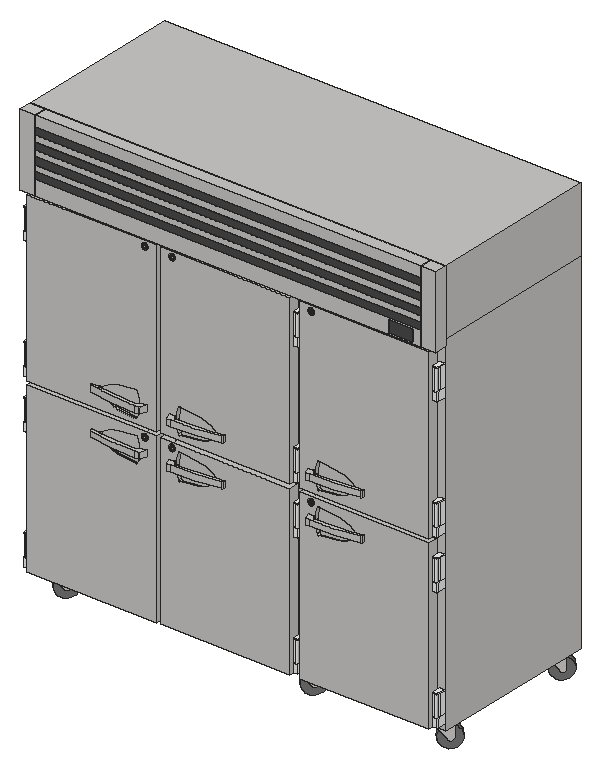
Revit family "QF_Turbo Air_PRO-77-6R", category Specialty Equipment, Revit 2014
Parameters
  Width = 6' - 5 3/4"  # constant formula
  Weight in Pounds = 697
  Watermarked By = ""
  Volts = 115 V
  URL Cutsheet = ""
  URL = "www.turboairinc.com"
  Status [instance] = ""
  Specification by User [instance] = ""
  Specification by Manufacturer [instance] = ""
  Serial Number [instance] = ""
  Revision Code [instance] = ""
  Phase = 1
  Overall Height [instance] = Box Height + CasterLeg Height  # 6' - 11"
  Number of Poles [instance] = 1
  NAFEM Spec ID Number [instance] = ""
  Model = "PRO-77-6R"
  Masterspec [instance] = ""
  Manufacturer = "Turbo Air"  # constant formula
  Door Height = 2' - 7 1/4"  # constant formula
  Description = "Refrigerator, Reach In"
  Assembly Code = "E1090320"
  6 inch Legs [instance] = no
  Item Number [instance] = "-"
  Installed By [instance] = ""
  HP = "1"
  Furnished By [instance] = ""
  Foodservice Equipment Identifier = yes
  FL Amps = 11.3 A
  Electrical Remarks [instance] = ""
  Electric Connection Type = ""
  Elec Conn RI Height [instance] = 0' - 0"
  Elec Conn Connection Height = 6' - 4 7/8"
  Cycle = 60 Hz
  Conn Plug = "NEMA 5-15P"
  Casters [instance] = not([6 inch Legs])  # yes
  CasterLeg Height [instance] = if(or([5 inch Casters], [6 inch Legs]), 0' 6", 0' 5")  # 0' - 5"
  CSI MasterFormat = "11 41 13"
  Box Height = 6' - 6"  # constant formula
  Apparent Power = if(Phase = 3, Volts * FL Amps * 1.73, Volts * FL Amps)  # 1299.5 VA
  5 inch Casters [instance] = no
Reference planes (in)
  plane 1 "BACK": y = 0
  plane 2: z = 0
  plane 3 "LEFT": x = -16.56573
  plane 4 "RIGHT": x = 61.18427
  plane 5 "FRONT": y = -33.875
  plane 6 "Box Front": y = -31.5
  plane 7 "Door Clearance": y = -57.75
  plane 8 "TOP": z = 83
  plane 9 "Box Bottom": z = 5
  plane 10 "Bottom Door Bottom": z = 5.875
  plane 11 "Top Door Top": z = 69.125
  plane 12 "Inside Left": x = -14.56573
  plane 13 "Inside Right": x = 59.18427
  plane 14 "Inside Back": y = -2
  plane 15 "Inside Front": y = -29.5
  plane 16 "Inside Top": z = 70.75
  plane 17 "Center LR": x = 22.30927
  plane 18 "Cowl Bottom": z = 69.5
  plane 19 "Left Door Left": x = -15.31573
  plane 20 "Left Door Right": x = 8.93427
  plane 21 "Right Door Left": x = 35.68427
  plane 22 "Right Door Right": x = 59.93427
  plane 23 "Center Left": x = 9.30927
  plane 24 "Middle Door Left": x = 9.68427
  plane 25 "Middle Door Right": x = 33.93427
  plane 26 "Center Right": x = 35.30927
  plane 27 "Door CL": z = 37.5
  plane 28 "Top Door Bottom": z = 37.875
  plane 29 "Bottom Door Top": z = 37.125
Forms (in)
  Extrusion 1, solid, material "QF_Stainless-Polished"
    sketch origin (0, 0, 5) x (0, 1, 0) y (-1, 0, 0)
      loop
        line (-31.5, 16.56573) -> (-31.5, 13.81573) -> (-29.5, 13.81573) -> (-29.5, 14.56573) -> (-2, 14.56573) -> (-2, -59.18427) -> (-29.5, -59.18427) -> (-29.5, -58.43427) -> (-31.5, -58.43427) -> (-31.5, -61.18427) -> (0, -61.18427) -> (0, 16.56573) -> (-31.5, 16.56573)
    from 0 to 65.75
  Extrusion 2, solid, material "QF_Stainless-Polished"
    sketch origin (-14.56573, 0, 0) x (0, 1, 0) y (0, 0, 1)
      loop
        line (-29.5, 7.75) -> (-29.5, 5) -> (-2, 5) -> (-2, 7.75) -> (-29.5, 7.75)
      loop
        line (-29.5, 70.75) -> (-29.5, 69.375) -> (-2, 69.375) -> (-2, 70.75) -> (-29.5, 70.75)
    from 0 to 73.75
  Extrusion 3, solid, material "QF_Stainless-Polished"
    sketch origin (-14.56573, 0, 0) x (0, 1, 0) y (0, 0, 1)
      loop
        line (-29.5, 5) -> (-29.5, 8.25) -> (-31.5, 8.25) -> (-31.5, 5) -> (-29.5, 5)
      loop
        line (-31.5, 70.75) -> (-31.5, 67) -> (-29.5, 67) -> (-29.5, 70.75) -> (-31.5, 70.75)
    from 0.75 to 73
  Extrusion 4, solid, material "QF_Stainless-Polished"
    sketch origin (0, 0, 83) x (0, 1, 0) y (-1, 0, 0)
      loop
        line (0, 16.56573) -> (-31.5, 16.56573) -> (-31.5, -61.18427) -> (0, -61.18427) -> (0, 16.56573)
    from 0 to -12.25
  Extrusion 5, solid, material "QF_Stainless-Polished"
    sketch origin (-14.56573, 0, 0) x (0, 1, 0) y (0, 0, 1)
      loop
        line (-2, 69.375) -> (-27.25, 69.375) -> (-25, 68.125) -> (-13.25, 68.125) -> (-3.25, 65.625) -> (-2, 65.625) -> (-2, 69.375)
    from 0 to 73.75
  Extrusion 6, solid, material "QF_Stainless-Polished"
    sketch origin (22.30927, 0, 0) x (0, 1, 0) y (0, 0, 1)
      loop
        line (-3.25, 65.625) -> (-3.25, 28.875) -> (-2, 28.875) -> (-2, 65.625) -> (-3.25, 65.625)
    from 0.25 to -0.25
  Extrusion 7, solid, material "QF_Plastic-Black-Fine Textured"
    sketch origin (0, -31.5, 0) x (1, 0, 0) y (0, 0, 1)
      loop
        line (-14.31573, 67.75) -> (-14.31573, 39.25) -> (7.93427, 39.25) -> (7.93427, 67.75) -> (-14.31573, 67.75)
      loop
        line (-14.31573, 7.25) -> (7.93427, 7.25) -> (7.93427, 35.75) -> (-14.31573, 35.75) -> (-14.31573, 7.25)
      loop
        line (58.93427, 7.25) -> (58.93427, 35.75) -> (36.68427, 35.75) -> (36.68427, 7.25) -> (58.93427, 7.25)
      loop
        line (58.93427, 67.75) -> (36.68427, 67.75) -> (36.68427, 39.25) -> (58.93427, 39.25) -> (58.93427, 67.75)
      loop
        line (-14.56573, 7) -> (8.18427, 7) -> (8.18427, 36) -> (-14.56573, 36) -> (-14.56573, 7)
      loop
        line (-14.56573, 68) -> (-14.56573, 39) -> (8.18427, 39) -> (8.18427, 68) -> (-14.56573, 68)
      loop
        line (59.18427, 68) -> (36.43427, 68) -> (36.43427, 39) -> (59.18427, 39) -> (59.18427, 68)
      loop
        line (59.18427, 7) -> (59.18427, 36) -> (36.43427, 36) -> (36.43427, 7) -> (59.18427, 7)
      loop
        line (10.68427, 67.75) -> (10.68427, 39.25) -> (32.93427, 39.25) -> (32.93427, 67.75) -> (10.68427, 67.75)
      loop
        line (10.68427, 7.25) -> (32.93427, 7.25) -> (32.93427, 35.75) -> (10.68427, 35.75) -> (10.68427, 7.25)
      loop
        line (10.43427, 7) -> (33.18427, 7) -> (33.18427, 36) -> (10.43427, 36) -> (10.43427, 7)
      loop
        line (10.43427, 68) -> (10.43427, 39) -> (33.18427, 39) -> (33.18427, 68) -> (10.43427, 68)
    from 0 to 0.625
  Extrusion 8, solid, material "QF_Stainless-Polished"
    sketch origin (0, -31.5, 0) x (1, 0, 0) y (0, 0, 1)
      loop
        line (-16.56573, 83) -> (-16.56573, 69.5) -> (-13.75323, 69.5) -> (-13.75323, 83) -> (-16.56573, 83)
      loop
        line (61.18427, 83) -> (58.37177, 83) -> (58.37177, 69.5) -> (61.18427, 69.5) -> (61.18427, 83)
    from 0 to 2.375
  Extrusion 9, solid, material "QF_Stainless-Polished"
    sketch origin (0, -31.5, 0) x (1, 0, 0) y (0, 0, 1)
      loop
        line (-13.75323, 83) -> (-13.75323, 81) -> (58.37177, 81) -> (58.37177, 83) -> (-13.75323, 83)
      loop
        line (-13.75323, 69.5) -> (58.37177, 69.5) -> (58.37177, 72.25) -> (-13.75323, 72.25) -> (-13.75323, 69.5)
      loop
        arc (56.87177, 71.75) -> (56.81686, 71.88258) -> (56.68427, 71.9375) r 0.1875
        line (56.68427, 71.9375) -> (52.55927, 71.9375)
        arc (52.55927, 71.9375) -> (52.42669, 71.88258) -> (52.37177, 71.75) r 0.1875
        line (52.37177, 71.75) -> (52.37177, 69.9375)
        arc (52.37177, 69.9375) -> (52.42669, 69.80492) -> (52.55927, 69.75) r 0.1875
        line (52.55927, 69.75) -> (56.68427, 69.75)
        arc (56.68427, 69.75) -> (56.81686, 69.80492) -> (56.87177, 69.9375) r 0.1875
        line (56.87177, 69.9375) -> (56.87177, 71.75)
    from 0 to 2.375
  Extrusion 10, solid, material "QF_Stainless-Polished"
    sketch origin (0, -31.5, 0) x (1, 0, 0) y (0, 0, 1)
      loop
        line (-13.75323, 79.6875) -> (-13.75323, 78.5625) -> (58.37177, 78.5625) -> (58.37177, 79.6875) -> (-13.75323, 79.6875)
      loop
        line (58.37177, 77.1875) -> (-13.75323, 77.1875) -> (-13.75323, 76.0625) -> (58.37177, 76.0625) -> (58.37177, 77.1875)
      loop
        line (58.37177, 74.6875) -> (-13.75323, 74.6875) -> (-13.75323, 73.5625) -> (58.37177, 73.5625) -> (58.37177, 74.6875)
    from 0 to 2.375
  Extrusion 11, solid, material "QF_Plastic-Black-Fine Textured"
    sketch origin (0, -31.5, 0) x (1, 0, 0) y (0, 0, 1)
      loop
        line (-13.75323, 81) -> (-13.75323, 79.6875) -> (58.37177, 79.6875) -> (58.37177, 81) -> (-13.75323, 81)
      loop
        line (-13.75323, 78.5625) -> (-13.75323, 77.1875) -> (58.37177, 77.1875) -> (58.37177, 78.5625) -> (-13.75323, 78.5625)
      loop
        line (-13.75323, 76.0625) -> (-13.75323, 74.6875) -> (58.37177, 74.6875) -> (58.37177, 76.0625) -> (-13.75323, 76.0625)
      loop
        line (-13.75323, 73.5625) -> (-13.75323, 72.25) -> (58.37177, 72.25) -> (58.37177, 73.5625) -> (-13.75323, 73.5625)
    from 0 to 2.375
  Extrusion 12, solid, material "QF_Plastic-Black-Fine Textured"
    sketch origin (0, -31.5, 0) x (1, 0, 0) y (0, 0, 1)
      loop
        arc (52.55927, 71.9375) -> (52.42669, 71.88258) -> (52.37177, 71.75) r 0.1875
        line (52.37177, 71.75) -> (52.37177, 69.9375)
        arc (52.37177, 69.9375) -> (52.42669, 69.80492) -> (52.55927, 69.75) r 0.1875
        line (52.55927, 69.75) -> (56.68427, 69.75)
        arc (56.68427, 69.75) -> (56.81686, 69.80492) -> (56.87177, 69.9375) r 0.1875
        line (56.87177, 69.9375) -> (56.87177, 71.75)
        arc (56.87177, 71.75) -> (56.81686, 71.88258) -> (56.68427, 71.9375) r 0.1875
        line (56.68427, 71.9375) -> (52.55927, 71.9375)
    from 0 to 2.375
  Extrusion 13, solid, material "QF_Clearance", detail levels coarse+medium
    sketch origin (0, 0, 5.875) x (0, 1, 0) y (-1, 0, 0)
      loop
        line (-33.875, 16.56573) -> (-57.75, 16.56573)
        arc (-57.75, 16.56573) -> (-51.23446, -1.26072) -> (-33.875, -8.93427) r 24.25
        line (-33.875, -8.93427) -> (-33.875, 16.56573)
    from 0 to 63.25
  Extrusion 14, solid, material "QF_Clearance", detail levels coarse+medium
    sketch origin (26.25, 0, 5.875) x (0, 1, 0) y (-1, 0, 0)
      loop
        arc (-33.875, -9.43427) -> (-51.23446, -17.10783) -> (-57.75, -34.93427) r 24.25
        line (-57.75, -34.93427) -> (-33.875, -34.93427) -> (-33.875, -9.43427)
    from 0 to 63.25
  Extrusion 15, solid, material "QF_Stainless-Polished"
    sketch origin (0, -31.5, 0) x (1, 0, 0) y (0, 0, 1)
      loop
        line (11.24677, 67) -> (7.37177, 67) -> (7.37177, 39.46875) -> (-13.81573, 39.46875) -> (-13.81573, 35.53125) -> (7.37177, 35.53125) -> (7.37177, 8.25) -> (11.24677, 8.25) -> (11.24677, 35.53125) -> (32.74677, 35.53125) -> (32.74677, 8.25) -> (37.24677, 8.25) -> (37.24677, 35.53125) -> (58.43427, 35.53125) -> (58.43427, 39.46875) -> (37.24677, 39.46875) -> (37.24677, 67) -> (32.74677, 67) -> (32.74677, 39.46875) -> (11.24677, 39.46875) -> (11.24677, 67)
    from 0 to -2
  Extrusion 16, solid, material "QF_Clearance", detail levels coarse+medium
    sketch origin (0.25, 0, 5.875) x (0, 1, 0) y (-1, 0, 0)
      loop
        arc (-33.875, -9.43427) -> (-51.83307, -17.70642) -> (-57.75, -36.57201) r 24.37499
        line (-57.75, -36.57201) -> (-33.875, -36.57201) -> (-33.875, -9.43427)
    from 0 to 63.25
Lines and regions (in)
  symbolic lines
    curve 1: line (-16.56573, 0, 83) -> (61.18427, 0, 83)
    curve 2: line (-16.56573, -33.875, 83) -> (-16.56573, 0, 83)
    curve 3: line (61.18427, -33.875, 83) -> (-16.56573, -33.875, 83)
    curve 4: line (61.18427, 0, 83) -> (61.18427, -33.875, 83)
  symbolic lines, style "QF_Clearances_Door_Drawer"
    curve 5: line (-16.56573, -33.875, 5.875) -> (-16.56573, -57.75, 5.875)
    curve 6: arc (-16.56573, -57.75, 5.875) -> (1.26072, -51.23446, 5.875) -> (8.93427, -33.875, 5.875) r 24.25
    curve 7: arc (35.68427, -33.875, 5.875) -> (43.35783, -51.23446, 5.875) -> (61.18427, -57.75, 5.875) r 24.25
    curve 8: line (61.18427, -57.75, 5.875) -> (61.18427, -33.875, 5.875)
    curve 9: arc (9.68427, -33.875, 5.875) -> (17.95642, -51.83307, 5.875) -> (36.82201, -57.75, 5.875) r 24.37499
    curve 10: line (36.82201, -57.75, 5.875) -> (36.82201, -33.875, 5.875)
Dimensions and locks (in)
  "Width": plane 4 "RIGHT" to plane 3 "LEFT"
  plane 5 "FRONT" to plane 6 "Box Front" = 0' - 2 3/8"
  locked: plane 7 "Door Clearance" to plane 5 "FRONT" at 23.875
  "CasterLeg Height": plane 9 "Box Bottom" to level
  locked: plane 10 "Bottom Door Bottom" to plane 9 "Box Bottom" at 0.875
  "Box Height": plane 8 "TOP" to plane 9 "Box Bottom"
  locked: plane 8 "TOP" to plane 11 "Top Door Top" at 13.875
  locked: plane 3 "LEFT" to plane 12 "Inside Left" at 2
  locked: plane 13 "Inside Right" to plane 4 "RIGHT" at 2
  locked: plane 14 "Inside Back" to plane 1 "BACK" at 2
  plane 6 "Box Front" to plane 15 "Inside Front" = 0' - 2"
  locked: plane 12 "Inside Left" to Extrusion 1 sketch curve at 0.75
  locked: Extrusion 1 sketch curve to plane 13 "Inside Right" at 0.75
  locked: plane 8 "TOP" to plane 16 "Inside Top" at 12.25
  locked: plane 9 "Box Bottom" to Extrusion 2 sketch curve at 2.75
  locked: Extrusion 3 sketch curve to plane 9 "Box Bottom" at 3.25
  locked: plane 16 "Inside Top" to Extrusion 2 sketch curve at 1.375
  locked: Extrusion 3 sketch curve to plane 16 "Inside Top" at 3.75
  locked: plane 16 "Inside Top" to Extrusion 5 sketch curve at 1.375
  locked: Extrusion 5 sketch curve to Extrusion 5 sketch curve at 1.25
  locked: Extrusion 5 sketch curve to Extrusion 5 sketch curve at 11.75
  locked: Extrusion 5 sketch curve to plane 14 "Inside Back" at 25.25
  locked: Extrusion 5 sketch curve to plane 14 "Inside Back" at 1.25
  locked: Extrusion 5 sketch curve to plane 14 "Inside Back" at 11.25
  locked: Extrusion 5 sketch curve to Extrusion 5 sketch curve at 3.75
  equal spacing: plane 3 "LEFT", plane 17 "Center LR", plane 4 "RIGHT"
  locked: plane 16 "Inside Top" to Extrusion 6 sketch curve at 5.125
  locked: Extrusion 6 sketch curve to Extrusion 6 sketch curve at 36.75
  locked: Extrusion 6 sketch curve to plane 14 "Inside Back" at 1.25
  locked: Extrusion 7 sketch curve to Extrusion 7 sketch curve at 0.25  (x24)
  locked: Extrusion 7 sketch curve to plane 3 "LEFT" at 2
  locked: Extrusion 7 sketch curve to plane 4 "RIGHT" at 2
  locked: plane 11 "Top Door Top" to Extrusion 7 sketch curve at 1.125  (x3)
  locked: Extrusion 7 sketch curve to plane 10 "Bottom Door Bottom" at 1.125  (x3)
  locked: plane 18 "Cowl Bottom" to plane 11 "Top Door Top" at 0.375
  locked: plane 3 "LEFT" to nested 1 at 3
  locked: nested 1 to plane 1 "BACK" at 2.5
  locked: plane 3 "LEFT" to nested 2 at 3
  locked: plane 6 "Box Front" to nested 2 at 2.8125
  locked: nested 3 to plane 4 "RIGHT" at 3
  locked: nested 3 to plane 1 "BACK" at 2.5
  locked: nested 4 to plane 4 "RIGHT" at 3
  locked: plane 6 "Box Front" to nested 4 at 2.8125
  locked: plane 3 "LEFT" to Extrusion 8 sketch curve at 2.8125
  locked: Extrusion 8 sketch curve to plane 4 "RIGHT" at 2.8125
  locked: Extrusion 9 sketch curve to plane 3 "LEFT" at 2.8125  (x2)
  locked: plane 8 "TOP" to Extrusion 9 sketch curve at 2
  locked: Extrusion 9 sketch curve to plane 4 "RIGHT" at 2.8125  (x2)
  locked: Extrusion 9 sketch curve to plane 18 "Cowl Bottom" at 2.75
  locked: Extrusion 9 sketch curve to Extrusion 9 sketch curve at 4.5
  locked: Extrusion 9 sketch curve to plane 4 "RIGHT" at 4.3125
  locked: Extrusion 9 sketch curve to Extrusion 9 sketch curve at 2.1875
  locked: Extrusion 9 sketch curve to Extrusion 9 sketch curve at 0.3125
  locked: Extrusion 10 sketch curve to plane 3 "LEFT" at 2.8125  (x3)
  locked: Extrusion 10 sketch curve to plane 4 "RIGHT" at 2.8125  (x3)
  locked: plane 8 "TOP" to Extrusion 10 sketch curve at 3.3125
  locked: Extrusion 10 sketch curve to Extrusion 10 sketch curve at 1.125  (x3)
  locked: Extrusion 10 sketch curve to Extrusion 10 sketch curve at 1.375  (x2)
  locked: plane 3 "LEFT" to plane 19 "Left Door Left" at 1.25
  locked: plane 19 "Left Door Left" to plane 20 "Left Door Right" at 24.25
  locked: plane 22 "Right Door Right" to plane 4 "RIGHT" at 1.25
  locked: plane 21 "Right Door Left" to plane 22 "Right Door Right" at 24.25
  locked: plane 16 "Inside Top" to Extrusion 15 sketch curve at 3.75  (x2)
  locked: Extrusion 15 sketch curve to plane 9 "Box Bottom" at 3.25  (x2)
  locked: Extrusion 7 sketch curve to plane 20 "Left Door Right" at 0.75  (x2)
  locked: Extrusion 7 sketch curve to plane 21 "Right Door Left" at 0.75  (x2)
  plane 20 "Left Door Right" to plane 23 "Center Left" to plane 24 "Middle Door Left" = 0' - 0 3/8" locked, 0' - 0 3/8" locked
  locked: plane 26 "Center Right" to plane 21 "Right Door Left" at 0.375
  locked: plane 25 "Middle Door Right" to plane 21 "Right Door Left" at 1.75
  locked: Extrusion 7 sketch curve to plane 24 "Middle Door Left" at 0.75  (x2)
  locked: plane 25 "Middle Door Right" to Extrusion 7 sketch curve at 0.75
  locked: Extrusion 15 sketch curve to plane 23 "Center Left" at 1.9375  (x2)
  locked: Extrusion 15 sketch curve to plane 26 "Center Right" at 1.9375
  locked: Extrusion 15 sketch curve to Extrusion 15 sketch curve at 4.5
  equal spacing: plane 11 "Top Door Top", plane 27 "Door CL", plane 10 "Bottom Door Bottom"
  plane 28 "Top Door Bottom" to plane 27 "Door CL" to plane 29 "Bottom Door Top" = 0' - 0 3/8" locked, 0' - 0 3/8" locked
  locked: Extrusion 7 sketch curve to plane 28 "Top Door Bottom" at 1.125  (x3)
  locked: plane 29 "Bottom Door Top" to Extrusion 7 sketch curve at 1.125  (x3)
  locked: Extrusion 7 sketch curve to plane 19 "Left Door Left" at 0.75
  locked: Extrusion 7 sketch curve to plane 25 "Middle Door Right" at 0.75
  locked: Extrusion 7 sketch curve to plane 22 "Right Door Right" at 0.75
  Extrusion 15 sketch curve to plane 23 "Center Left" to Extrusion 15 sketch curve = 0' - 1 15/16" locked, 0' - 1 15/16" locked
  locked: plane 3 "LEFT" to Extrusion 15 sketch curve at 2.75
  Extrusion 15 sketch curve to plane 26 "Center Right" to Extrusion 15 sketch curve = 0' - 2 9/16" locked, 0' - 1 15/16" locked
  locked: Extrusion 15 sketch curve to plane 4 "RIGHT" at 2.75
  Extrusion 15 sketch curve to plane 27 "Door CL" to Extrusion 15 sketch curve = 0' - 1 31/32" locked, 0' - 1 31/32" locked  (x3)
  locked: nested 11 to plane 21 "Right Door Left" at 3
  locked: nested 11 to plane 1 "BACK" at 2.5
  locked: nested 12 to plane 21 "Right Door Left" at 3
  locked: plane 6 "Box Front" to nested 12 at 2.8125
  locked: plane 6 "Box Front" to plane 1 "BACK" at 31.5
  aligned and locked: level to plane 2
  aligned and locked: Extrusion 1 sketch curve to plane 3 "LEFT"
  aligned and locked: plane 12 "Inside Left" to Extrusion 1 sketch curve
  aligned and locked: Extrusion 1 sketch curve to plane 13 "Inside Right"
  aligned and locked: plane 4 "RIGHT" to Extrusion 1 sketch curve
  aligned and locked: plane 14 "Inside Back" to Extrusion 1 sketch curve
  aligned and locked: Extrusion 1 sketch curve to plane 1 "BACK"
  aligned and locked: Extrusion 1 sketch curve to plane 15 "Inside Front"  (x2)
  aligned and locked: plane 6 "Box Front" to Extrusion 1 sketch curve  (x2)
  aligned and locked: plane 16 "Inside Top" to Extrusion 1
  aligned and locked: plane 9 "Box Bottom" to Extrusion 2 sketch curve
  aligned and locked: plane 15 "Inside Front" to Extrusion 2 sketch curve
  aligned and locked: plane 14 "Inside Back" to Extrusion 2 sketch curve  (x2)
  aligned and locked: plane 13 "Inside Right" to Extrusion 2
  aligned and locked: plane 6 "Box Front" to Extrusion 3 sketch curve  (x2)
  aligned and locked: Extrusion 3 sketch curve to plane 9 "Box Bottom"
  aligned and locked: Extrusion 3 sketch curve to plane 15 "Inside Front"  (x2)
  aligned and locked: Extrusion 3 to Extrusion 1  (x2)
  aligned and locked: Extrusion 2 sketch curve to plane 16 "Inside Top"
  aligned and locked: Extrusion 2 sketch curve to plane 15 "Inside Front"
  aligned and locked: plane 16 "Inside Top" to Extrusion 3 sketch curve
  aligned and locked: plane 1 "BACK" to Extrusion 4 sketch curve
  aligned and locked: plane 3 "LEFT" to Extrusion 4 sketch curve
  aligned and locked: Extrusion 4 sketch curve to plane 6 "Box Front"
  aligned and locked: Extrusion 4 sketch curve to plane 4 "RIGHT"
  aligned and locked: Extrusion 4 to plane 16 "Inside Top"
  aligned and locked: plane 14 "Inside Back" to Extrusion 5 sketch curve
  aligned and locked: plane 13 "Inside Right" to Extrusion 5
  aligned and locked: Extrusion 6 sketch curve to plane 14 "Inside Back"
  aligned and locked: plane 5 "FRONT" to Extrusion 8
  aligned and locked: plane 3 "LEFT" to curve 2
  aligned and locked: curve 3 to plane 5 "FRONT"
  aligned and locked: curve 4 to plane 4 "RIGHT"
  aligned and locked: plane 1 "BACK" to curve 1
  aligned and locked: plane 18 "Cowl Bottom" to Extrusion 8 sketch curve
  aligned and locked: plane 3 "LEFT" to Extrusion 8 sketch curve
  aligned and locked: Extrusion 8 sketch curve to plane 8 "TOP"
  aligned and locked: plane 8 "TOP" to Extrusion 8 sketch curve
  aligned and locked: plane 4 "RIGHT" to Extrusion 8 sketch curve
  aligned and locked: Extrusion 8 sketch curve to plane 18 "Cowl Bottom"
  aligned and locked: Extrusion 9 sketch curve to plane 8 "TOP"
  aligned and locked: plane 18 "Cowl Bottom" to Extrusion 9 sketch curve
  aligned and locked: plane 5 "FRONT" to Extrusion 9
  aligned and locked: plane 5 "FRONT" to Extrusion 10
  aligned and locked: Extrusion 11 sketch curve to Extrusion 9  (x4)
  aligned and locked: Extrusion 11 sketch curve to Extrusion 10  (x12)
  aligned and locked: plane 5 "FRONT" to Extrusion 11
  aligned and locked: Extrusion 12 sketch curve to Extrusion 9  (x4)
  aligned and locked: plane 5 "FRONT" to Extrusion 12
  aligned and locked: plane 10 "Bottom Door Bottom" to nested 5
  aligned and locked: plane 3 "LEFT" to nested 5
  aligned and locked: plane 20 "Left Door Right" to nested 5
  aligned and locked: plane 11 "Top Door Top" to Extrusion 13
  aligned and locked: nested 6 to plane 10 "Bottom Door Bottom"
  aligned and locked: plane 4 "RIGHT" to nested 6
  aligned and locked: plane 11 "Top Door Top" to Extrusion 14
  aligned and locked: nested 7 to plane 10 "Bottom Door Bottom"
  aligned and locked: plane 25 "Middle Door Right" to nested 7
  aligned and locked: plane 11 "Top Door Top" to Extrusion 16
  aligned and locked: plane 28 "Top Door Bottom" to nested 8
  aligned and locked: nested 10 to plane 28 "Top Door Bottom"
  aligned and locked: nested 9 to plane 28 "Top Door Bottom"
Automatic sketch dimensions
  Extrusion 9 sketch curve to Extrusion 9 sketch curve = 0' - 0 3/16"  (x4)
  curve 7 to plane 4 "RIGHT" = 0' - 0"
  plane 7 "Door Clearance" to curve 7 = 0' - 0"
  curve 5 to plane 3 "LEFT" = 0' - 0"
  plane 7 "Door Clearance" to curve 5 = 0' - 0"
  plane 7 "Door Clearance" to curve 10 = 0' - 0"
  plane 5 "FRONT" to curve 5 = 0' - 0"
  plane 5 "FRONT" to curve 6 = 0' - 0"
  plane 5 "FRONT" to curve 7 = 0' - 0"
  plane 5 "FRONT" to curve 8 = 0' - 0"
  plane 5 "FRONT" to curve 9 = 0' - 0"
  plane 5 "FRONT" to curve 10 = 0' - 0"
  curve 7 to plane 21 "Right Door Left" = 0' - 0"
  curve 9 to plane 24 "Middle Door Left" = 0' - 0"
  curve 6 to plane 20 "Left Door Right" = 0' - 0"
  plane 19 "Left Door Left" to curve 6 = 0' - 0.00242"
  curve 7 to plane 22 "Right Door Right" = 0' - 0.00242"
  plane 25 "Middle Door Right" to curve 9 = 0' - 0.12258"
  curve 9 to plane 5 "FRONT" = 0' - 0.34264"
  Extrusion 13 sketch curve to plane 3 "LEFT" = 0' - 0"
  plane 7 "Door Clearance" to Extrusion 13 sketch curve = 0' - 0"
  plane 5 "FRONT" to Extrusion 13 sketch curve = 0' - 0"
  Extrusion 13 sketch curve to plane 20 "Left Door Right" = 0' - 0"
  plane 19 "Left Door Left" to Extrusion 13 sketch curve = 0' - 0.00242"
  Extrusion 14 sketch curve to plane 4 "RIGHT" = 0' - 0"
  plane 7 "Door Clearance" to Extrusion 14 sketch curve = 0' - 0"
  plane 5 "FRONT" to Extrusion 14 sketch curve = 0' - 0"
  Extrusion 14 sketch curve to plane 21 "Right Door Left" = 0' - 0"
  Extrusion 14 sketch curve to plane 22 "Right Door Right" = 0' - 0.00242"
  plane 7 "Door Clearance" to Extrusion 16 sketch curve = 0' - 0"
  plane 5 "FRONT" to Extrusion 16 sketch curve = 0' - 0"
  Extrusion 16 sketch curve to plane 24 "Middle Door Left" = 0' - 0"
  plane 25 "Middle Door Right" to Extrusion 16 sketch curve = 0' - 0.12258"
  Extrusion 16 sketch curve to plane 5 "FRONT" = 0' - 0.34264"
Nested families (in)
  nested 1: "FESCasterLeg" at (-13.56573, -2.5, 0), Casters <- "Casters", Legs <- "6 inch Legs", Height <- "CasterLeg Height", type "FESCasterLeg"
    with Legs no, Height 0' - 5", Casters yes, Caster Radius 0' - 2"
  nested 2: "FESCasterLeg" at (-13.56573, -28.6875, 0), Casters <- "Casters", Legs <- "6 inch Legs", Height <- "CasterLeg Height", type "FESCasterLeg"
    with Legs no, Height 0' - 5", Casters yes, Caster Radius 0' - 2"
  nested 3: "FESCasterLeg" at (58.18427, -2.5, 0), Casters <- "Casters", Legs <- "6 inch Legs", Height <- "CasterLeg Height", type "FESCasterLeg"
    with Legs no, Height 0' - 5", Casters yes, Caster Radius 0' - 2"
  nested 4: "FESCasterLeg" at (58.18427, -28.6875, 0), Casters <- "Casters", Legs <- "6 inch Legs", Height <- "CasterLeg Height", type "FESCasterLeg"
    with Legs no, Height 0' - 5", Casters yes, Caster Radius 0' - 2"
  nested 5: "QF_Turbo Air_RI-Solid Door" at (-7.63145, -32.125, 5.875) x (-1, 0, 0) z (0, 0, 1), Height <- "Door Height", type "QF_Turbo Air_RI-Solid Door"
    with Width 2' - 0 1/4", Symbolic Lines Handle yes, Symbolic Lines no, Height 2' - 7 1/4", Handle From Top 0' - 3 9/16", Center Hinge no
  nested 6: "QF_Turbo Air_RI-Solid Door" at (52.25, -32.125, 5.875), Height <- "Door Height", type "QF_Turbo Air_RI-Solid Door"
    with Width 2' - 0 1/4", Symbolic Lines Handle yes, Symbolic Lines no, Height 2' - 7 1/4", Handle From Top 0' - 3 9/16", Center Hinge no
  nested 7: "QF_Turbo Air_RI-Solid Door" at (26.25, -32.125, 5.875), Height <- "Door Height", type "QF_Turbo Air_RI-Solid Door"
    with Width 2' - 0 1/4", Symbolic Lines Handle yes, Symbolic Lines no, Height 2' - 7 1/4", Handle From Top 0' - 3 9/16", Center Hinge no
  nested 8: "QF_Turbo Air_RI-Solid Door" at (-7.63145, -32.125, 37.875) x (-1, 0, 0) z (0, 0, 1), Height <- "Door Height", type "QF_Turbo Air_RI-Solid Door"
    with Width 2' - 0 1/4", Symbolic Lines Handle yes, Symbolic Lines no, Height 2' - 7 1/4", Handle From Top 2' - 3 15/16", Center Hinge no
  nested 9: "QF_Turbo Air_RI-Solid Door" at (52.25, -32.125, 37.875), Height <- "Door Height", type "QF_Turbo Air_RI-Solid Door"
    with Width 2' - 0 1/4", Symbolic Lines Handle yes, Symbolic Lines no, Height 2' - 7 1/4", Handle From Top 2' - 3 15/16", Center Hinge no
  nested 10: "QF_Turbo Air_RI-Solid Door" at (26.25, -32.125, 37.875), Height <- "Door Height", type "QF_Turbo Air_RI-Solid Door"
    with Width 2' - 0 1/4", Symbolic Lines Handle yes, Symbolic Lines no, Height 2' - 7 1/4", Handle From Top 2' - 3 15/16", Center Hinge no
  nested 11: "FESCasterLeg" at (32.68427, -2.5, 0), Casters <- "Casters", Legs <- "6 inch Legs", Height <- "CasterLeg Height", type "FESCasterLeg"
    with Legs no, Height 0' - 5", Casters yes, Caster Radius 0' - 2"
  nested 12: "FESCasterLeg" at (32.68427, -28.6875, 0), Casters <- "Casters", Legs <- "6 inch Legs", Height <- "CasterLeg Height", type "FESCasterLeg"
    with Legs no, Height 0' - 5", Casters yes, Caster Radius 0' - 2"
Connectors (in)
  electrical at (22.30927, 0, 76.875)
    settings: on Extrusion 4, index 1, voltage 0 V, apparent load 0 VA, apparent load phase1 0 VA, apparent load phase2 0 VA, apparent load phase3 0 VA, power factor 1, load classification "Other", number of poles 1, system type 31, power factor state 1, is connector primary yes, connector utility no, sub classification motor no, connector description ""
Definition of nested family "FESCasterLeg"
  Parameters
    Watermarked By = "http://revitwatermark.com"
    Type Comments = ""
    Legs [instance] = yes
    Height [instance] = 0' - 6"
    Caster Radius [instance] = if(Height < 0' 3", 0' 1", (Height / 2) - 0' 0 1/2")  # 0' - 2 1/2"
    Casters [instance] = yes
    Assembly Code = ""
  Reference planes (in)
    plane 1 "Center (Front/Back)": y = 0
    plane 2: z = 0
    plane 3 "Center (Left/Right)": x = 0
    plane 4: z = 6
    plane 5: z = 5.5
  Forms (in)
    Extrusion 1, solid, material "QF_Stainless-Polished", visible <- "Casters"
      sketch origin (-24.12131, -22.88887, 10.18833) x (0.707107, 0.707107, 0) y (0, 0, 1)
        loop
          line (34.98772, -7.68833) -> (34.98772, -4.93833) -> (34.48772, -4.93833) -> (34.39402, -4.68833) -> (32.39402, -4.68833) -> (32.39402, -5.43833) -> (33.98772, -7.34206) -> (33.98772, -7.68833)
          arc (33.98772, -7.68833) -> (34.48772, -8.18833) -> (34.98772, -7.68833) r 0.5
      from 0 to 1.75
    Extrusion 2, solid, material "QF_Rubber-Black", visible <- "Casters"
      sketch origin (-24.32327, -23.09083, 13.31461) x (0.707107, 0.707107, 0) y (0, 0, 1)
        loop
          circle (34.77334, -10.81461) r 2.5
      from 0.375 to 1.375
    Extrusion 3, solid, material "QF_Stainless-Polished", visible <- "Casters"
      sketch origin (-7.24148, -8.48391, 0) x (0.707107, 0.707107, 0) y (0, 0, 1)
        loop
          line (10.61603, 5.5) -> (11.61603, 5.5) -> (11.61603, 6) -> (10.61603, 6) -> (10.61603, 5.5)
      from 0 to -1.75
    Blend 4, solid, material "QF_Stainless-Polished", visible <- "Legs"
      base sketch origin (0, 0, 0) x (1, 0, 0) y (0, 1, 0)
        loop
          circle (0, 0) r 0.5
      top sketch origin (0, 0, 0) x (1, 0, 0) y (0, 1, 0)
        loop
          circle (0, 0) r 1
      from 0 to 6 <- "Height"
  Lines and regions (in)
    symbolic lines, style "QF_Details_Undercounter", visible <- "Casters", built-in parameter 1006206 <- "Casters"
      curve 1: line (-1.26158, -0.51911, 0) -> (1.39007, 2.13254, 0)
      curve 2: line (-0.53429, -1.24639, 0) -> (2.11736, 1.40526, 0)
    symbolic lines, style "QF_Details_Undercounter", built-in parameter 1006206 <- "Casters", visible <- "Casters"
      curve 3: line (-1.26158, -0.51911, 0) -> (1.39007, 2.13254, 0)
      curve 4: line (-0.53429, -1.24639, 0) -> (2.11736, 1.40526, 0)
  Dimensions and locks (in)
    locked: plane 4 to plane 5 at 0.5
    "Height": plane 4 to level
    "Caster Radius": Extrusion 2 sketch curve to level
    "Caster Radius": Extrusion 1 sketch curve to level
    "Caster Radius": radius of Extrusion 2 sketch curve
    aligned and locked: plane 2 to level
    aligned: Blend 4 to Extrusion 3
    aligned and locked: plane 4 to Blend 4
    aligned and locked: Extrusion 3 to plane 5
    aligned and locked: plane 4 to Extrusion 3
    aligned and locked: plane 5 to Extrusion 1
  Automatic sketch dimensions
    plane 1 "Center (Front/Back)" to curve 3 = 0' - 0.51911"
    curve 3 to plane 3 "Center (Left/Right)" = 0' - 1.26158"
    plane 1 "Center (Front/Back)" to curve 1 = 0' - 0.51911"
    curve 1 to curve 3 = 0' - 0"  (x3)
    curve 4 to plane 3 "Center (Left/Right)" = 0' - 0.53429"
    curve 2 to curve 4 = 0' - 0"  (x2)
    plane 3 "Center (Left/Right)" to curve 3 = 0' - 1.39007"
    curve 1 to curve 4 = 0' - 0.72729"
    curve 2 to curve 1 = 0' - 0.72729"
    curve 4 to curve 2 = 0' - 0"  (x2)
    curve 2 to plane 1 "Center (Front/Back)" = 0' - 1.40526"
    curve 2 to curve 3 = 0' - 0.72729"
    Extrusion 3 sketch curve to plane 5 = 0' - 0"
    plane 4 to Extrusion 3 sketch curve = 0' - 0"
    Extrusion 3 sketch curve to Extrusion 3 sketch curve = 0' - 1"
    plane 1 "Center (Front/Back)" to Blend 4 sketch curve = 0' - 0"  (x2)
    Blend 4 sketch curve to plane 3 "Center (Left/Right)" = 0' - 0"  (x2)
    Extrusion 1 sketch curve to plane 5 = 0' - 0"
    Extrusion 1 sketch curve to plane 5 = 0' - 2.65373"
    Extrusion 1 sketch curve to Extrusion 1 sketch curve = 0' - 1.5937"
    Extrusion 1 sketch curve to Extrusion 1 sketch curve = 0' - 2"
    Extrusion 1 sketch curve to Extrusion 1 sketch curve = 0' - 0.0937"
    Extrusion 1 sketch curve to Extrusion 1 sketch curve = 0' - 0 1/2"
    Extrusion 1 sketch curve to plane 5 = 0' - 0 3/4"
    Extrusion 1 sketch curve to plane 5 = 0' - 0 1/4"
    radius of Blend 4 sketch curve = 0' - 0 1/2"
    radius of Blend 4 sketch curve = 0' - 1"
Definition of nested family "QF_Turbo Air_RI-Solid Door"
  Parameters (values of type "QF_Turbo Air_RI-Solid Door")
    Width [instance] = 2' - 2 1/4"
    Watermarked By = ""
    Symbolic Lines Handle [instance] = yes
    Symbolic Lines [instance] = yes
    Height [instance] = 5' - 3 1/4"
    Handle From Top [instance] = 2' - 1 7/8"
    Center Hinge [instance] = yes
  Reference planes (in)
    plane 1 "Door Back": y = 0
    plane 2: z = 0
    plane 3 "LEFT": x = -16.56573
    plane 4 "Door Front": y = -1.75
    plane 5 "Handle Front": y = -3.0625
    plane 6 "Door Right": x = 9.68427
    plane 7 "TOP": z = 63.25
    plane 8 "Handle Elevation": z = 37.375
    plane 9 "Hinge Right": x = 10.93427
    plane 10 "Top Hinge Top": z = 60.75
    plane 11 "Top Hinge Bottom": z = 55
    plane 12: z = 56.625
    plane 13 "Center TB": z = 31.625
    plane 14 "Center Hinge Top": z = 35.0625
    plane 15 "Center Hinge Bottom": z = 29.3125
    plane 16: z = 30.9375
    plane 17 "Bottom Hinge Top": z = 6
    plane 18 "Bottom Hinge Bottom": z = 0.25
    plane 19: z = 1.875
    plane 20 "Hinges Front": y = -1.1875
    plane 21 "Hinges Back": y = 0.625
  Forms (in)
    Extrusion 1, solid, material "QF_Stainless-Polished"
      sketch origin (0, 0, 0) x (1, 0, 0) y (0, 0, 1)
        loop
          line (-16.56573, 63.25) -> (-16.56573, 0) -> (9.68427, 0) -> (9.68427, 63.25) -> (-16.56573, 63.25)
        loop
          arc (-13.15519, 39.61272) -> (-13.41636, 38.50742) -> (-13.50323, 37.375) r 7.3125
          arc (-13.50323, 37.375) -> (-13.41636, 36.24258) -> (-13.15519, 35.13728) r 7.3125
          arc (-13.15519, 35.13728) -> (-13.01711, 34.94724) -> (-12.79306, 34.87662) r 0.375
          arc (-12.79306, 34.87662) -> (-11.04564, 34.98179) -> (-9.31573, 35.25) r 18.6875
          arc (-9.31573, 35.25) -> (-7.55515, 35.84984) -> (-6.00323, 36.875) r 7.30243
          arc (-6.00323, 36.875) -> (-5.85876, 37.375) -> (-6.00323, 37.875) r 0.9375
          arc (-6.00323, 37.875) -> (-7.55515, 38.90016) -> (-9.31573, 39.5) r 7.30243
          arc (-9.31573, 39.5) -> (-11.04564, 39.76821) -> (-12.79306, 39.87338) r 18.6875
          arc (-12.79306, 39.87338) -> (-13.01711, 39.80276) -> (-13.15519, 39.61272) r 0.375
      from 0 to 1.75
    Extrusion 2, solid, material "QF_Stainless-Polished"
      sketch origin (0, 0, 0) x (1, 0, 0) y (0, 0, 1)
        loop
          arc (-13.15519, 39.61272) -> (-13.41636, 38.50742) -> (-13.50323, 37.375) r 7.3125
          arc (-13.50323, 37.375) -> (-13.41636, 36.24258) -> (-13.15519, 35.13728) r 7.3125
          arc (-13.15519, 35.13728) -> (-13.01711, 34.94724) -> (-12.79306, 34.87662) r 0.375
          arc (-12.79306, 34.87662) -> (-11.04564, 34.98179) -> (-9.31573, 35.25) r 18.6875
          arc (-9.31573, 35.25) -> (-7.55515, 35.84984) -> (-6.00323, 36.875) r 7.30243
          arc (-6.00323, 36.875) -> (-5.85876, 37.375) -> (-6.00323, 37.875) r 0.9375
          arc (-6.00323, 37.875) -> (-7.55515, 38.90016) -> (-9.31573, 39.5) r 7.30243
          arc (-9.31573, 39.5) -> (-11.04564, 39.76821) -> (-12.79306, 39.87338) r 18.6875
          arc (-12.79306, 39.87338) -> (-13.01711, 39.80276) -> (-13.15519, 39.61272) r 0.375
      from 0 to 1.25
    Extrusion 3, solid, material "QF_Stainless-Polished"
      sketch origin (0, 0, 37.375) x (0, 1, 0) y (-1, 0, 0)
        loop
          line (-1.75, 14.806) -> (-2.93294, 14.42164)
          arc (-2.93294, 14.42164) -> (-3.02669, 14.35352) -> (-3.0625, 14.24331) r 0.1875
          line (-3.0625, 14.24331) -> (-3.0625, 13.62954)
          arc (-3.0625, 13.62954) -> (-2.88483, 9.14446) -> (-2.21868, 4.70557) r 41.0625
          arc (-2.21868, 4.70557) -> (-2.15347, 4.59812) -> (-2.03505, 4.55599) r 0.1875
          line (-2.03505, 4.55599) -> (-1.75, 4.55599) -> (-1.75, 5.93099) -> (-1.83987, 5.93099)
          arc (-1.83987, 5.93099) -> (-1.96178, 5.97604) -> (-2.02512, 6.08952) r 0.1875
          arc (-2.02512, 6.08952) -> (-2.42253, 9.66014) -> (-2.50243, 13.25191) r 40.5625
          arc (-2.50243, 13.25191) -> (-2.47714, 13.3419) -> (-2.41155, 13.4085) r 0.1875
          line (-2.41155, 13.4085) -> (-1.75, 13.806) -> (-1.75, 14.806)
      from -0.5625 to 0.5625
    Extrusion 4, solid, material "QF_Steel-Chrome Plated"
      sketch origin (0, 0, 0.25) x (0, 1, 0) y (-1, 0, 0)
        loop
          line (0.625, -10.81225) -> (0.625, -9.7438) -> (-0.75, -9.80927) -> (-1.1875, -9.9342) -> (-1.1875, -10.62185) -> (-0.75, -10.74677) -> (0.625, -10.81225)
      from 0 to 1.625
    Extrusion 5, solid, material "QF_Steel-Chrome Plated"
      sketch origin (0, 0, 6) x (0, 1, 0) y (-1, 0, 0)
        loop
          line (-0.5625, -9.68427) -> (-1.1875, -9.68427) -> (-1.1875, -10.27802)
          arc (-1.1875, -10.27802) -> (-0.875, -10.59052) -> (-0.5625, -10.27802) r 0.3125
          line (-0.5625, -10.27802) -> (-0.5625, -9.68427)
      from -0.125 to -4.125
    Extrusion 6, solid, material "QF_Steel-Chrome Plated"
      sketch origin (0, 0, 6) x (0, 1, 0) y (-1, 0, 0)
        loop
          line (0.625, -9.7438) -> (-0.25, -9.78547) -> (-0.25, -10.77058) -> (0.625, -10.81225) -> (0.625, -9.7438)
      from -0.125 to -4.125
    Extrusion 7, solid, material "QF_Steel-Chrome Plated"
      sketch origin (0, 0, 6) x (0, 1, 0) y (-1, 0, 0)
        loop
          line (0.625, -10.81225) -> (0.625, -9.7438) -> (-0.75, -9.80927) -> (-1.1875, -9.9342) -> (-1.1875, -10.62185) -> (-0.75, -10.74677) -> (0.625, -10.81225)
      from 0 to -0.125
    Extrusion 8, solid, material "QF_Steel-Chrome Plated", visible <- "Center Hinge"
      sketch origin (0, 0, 29.3125) x (0, 1, 0) y (-1, 0, 0)
        loop
          line (0.625, -10.81225) -> (0.625, -9.7438) -> (-0.75, -9.80927) -> (-1.1875, -9.9342) -> (-1.1875, -10.62185) -> (-0.75, -10.74677) -> (0.625, -10.81225)
      from 0 to 1.625
    Extrusion 9, solid, material "QF_Steel-Chrome Plated", visible <- "Center Hinge"
      sketch origin (0, 0, 35.0625) x (0, 1, 0) y (-1, 0, 0)
        loop
          line (-0.5625, -9.68427) -> (-1.1875, -9.68427) -> (-1.1875, -10.27802)
          arc (-1.1875, -10.27802) -> (-0.875, -10.59052) -> (-0.5625, -10.27802) r 0.3125
          line (-0.5625, -10.27802) -> (-0.5625, -9.68427)
      from -0.125 to -4.125
    Extrusion 10, solid, material "QF_Steel-Chrome Plated", visible <- "Center Hinge"
      sketch origin (0, 0, 35.0625) x (0, 1, 0) y (-1, 0, 0)
        loop
          line (0.625, -9.7438) -> (-0.25, -9.78547) -> (-0.25, -10.77058) -> (0.625, -10.81225) -> (0.625, -9.7438)
      from -0.125 to -4.125
    Extrusion 11, solid, material "QF_Steel-Chrome Plated", visible <- "Center Hinge"
      sketch origin (0, 0, 35.0625) x (0, 1, 0) y (-1, 0, 0)
        loop
          line (0.625, -10.81225) -> (0.625, -9.7438) -> (-0.75, -9.80927) -> (-1.1875, -9.9342) -> (-1.1875, -10.62185) -> (-0.75, -10.74677) -> (0.625, -10.81225)
      from 0 to -0.125
    Extrusion 12, solid, material "QF_Steel-Chrome Plated"
      sketch origin (0, 0, 55) x (0, 1, 0) y (-1, 0, 0)
        loop
          line (0.625, -10.81225) -> (0.625, -9.7438) -> (-0.75, -9.80927) -> (-1.1875, -9.9342) -> (-1.1875, -10.62185) -> (-0.75, -10.74677) -> (0.625, -10.81225)
      from 0 to 1.625
    Extrusion 13, solid, material "QF_Steel-Chrome Plated"
      sketch origin (0, 0, 60.75) x (0, 1, 0) y (-1, 0, 0)
        loop
          line (-0.5625, -9.68427) -> (-1.1875, -9.68427) -> (-1.1875, -10.27802)
          arc (-1.1875, -10.27802) -> (-0.875, -10.59052) -> (-0.5625, -10.27802) r 0.3125
          line (-0.5625, -10.27802) -> (-0.5625, -9.68427)
      from -0.125 to -4.125
    Extrusion 14, solid, material "QF_Steel-Chrome Plated"
      sketch origin (0, 0, 60.75) x (0, 1, 0) y (-1, 0, 0)
        loop
          line (0.625, -9.7438) -> (-0.25, -9.78547) -> (-0.25, -10.77058) -> (0.625, -10.81225) -> (0.625, -9.7438)
      from -0.125 to -4.125
    Extrusion 15, solid, material "QF_Steel-Chrome Plated"
      sketch origin (0, 0, 60.75) x (0, 1, 0) y (-1, 0, 0)
        loop
          line (0.625, -10.81225) -> (0.625, -9.7438) -> (-0.75, -9.80927) -> (-1.1875, -9.9342) -> (-1.1875, -10.62185) -> (-0.75, -10.74677) -> (0.625, -10.81225)
      from 0 to -0.125
    Extrusion 16, void
      sketch origin (0, 0, 0) x (1, 0, 0) y (0, 0, 1)
        loop
          circle (-14.37823, 62.3125) r 0.5625
        loop
          circle (-14.37823, 62.3125) r 0.3125
      from 0 to 1.75
    Extrusion 17, solid, material "QF_Plastic-Black-Fine Textured"
      sketch origin (0, 0, 0) x (1, 0, 0) y (0, 0, 1)
        loop
          circle (-14.37823, 62.3125) r 0.5625
        loop
          circle (-14.37823, 62.3125) r 0.3125
      from 0 to 1.75
  Cuts and joins
    Extrusion 16 cuts Extrusion 1
  Lines and regions (in)
    symbolic lines, visible <- "Symbolic Lines"
      curve 1: line (-16.56573, 0, 6) -> (9.68427, 0, 6)
      curve 2: line (-16.56573, -1.75, 6) -> (-16.56573, 0, 6)
      curve 3: line (9.68427, -1.75, 6) -> (-16.56573, -1.75, 6)
      curve 4: line (9.68427, 0, 6) -> (9.68427, -1.75, 6)
      curve 5: line (10.81225, 0.625, 6) -> (9.7438, 0.625, 6)
      curve 6: line (10.74677, -0.75, 6) -> (10.81225, 0.625, 6)
      curve 7: line (10.62185, -1.1875, 6) -> (10.74677, -0.75, 6)
      curve 8: line (9.9342, -1.1875, 6) -> (10.62185, -1.1875, 6)
      curve 9: line (9.80927, -0.75, 6) -> (9.9342, -1.1875, 6)
      curve 10: line (9.7438, 0.625, 6) -> (9.80927, -0.75, 6)
    symbolic lines, visible <- "Symbolic Lines Handle"
      curve 11: line (-14.806, -1.75, 6) -> (-14.42164, -2.93294, 6)
      curve 12: arc (-14.42164, -2.93294, 6) -> (-14.35352, -3.02669, 6) -> (-14.24331, -3.0625, 6) r 0.1875
      curve 13: line (-14.24331, -3.0625, 6) -> (-13.62954, -3.0625, 6)
      curve 14: line (-4.55599, -2.03505, 6) -> (-4.55599, -1.75, 6)
      curve 15: arc (-4.70557, -2.21868, 6) -> (-4.59812, -2.15347, 6) -> (-4.55599, -2.03505, 6) r 0.1875
      curve 16: arc (-13.62954, -3.0625, 6) -> (-9.14446, -2.88483, 6) -> (-4.70557, -2.21868, 6) r 41.0625
      curve 17: line (-13.4085, -2.41155, 6) -> (-13.806, -1.75, 6)
      curve 18: arc (-13.25191, -2.50243, 6) -> (-13.3419, -2.47714, 6) -> (-13.4085, -2.41155, 6) r 0.1875
      curve 19: arc (-6.08952, -2.02512, 6) -> (-9.66014, -2.42253, 6) -> (-13.25191, -2.50243, 6) r 40.5625
      curve 20: arc (-5.93099, -1.83987, 6) -> (-5.97604, -1.96178, 6) -> (-6.08952, -2.02512, 6) r 0.1875
      curve 21: line (-5.93099, -1.75, 6) -> (-5.93099, -1.83987, 6)
  Dimensions and locks (in)
    locked: plane 5 "Handle Front" to plane 4 "Door Front" at 1.3125
    "Width": plane 6 "Door Right" to plane 3 "LEFT"
    "Height": plane 7 "TOP" to plane 2
    "Handle From Top": plane 7 "TOP" to plane 8 "Handle Elevation"
    locked: plane 6 "Door Right" to plane 9 "Hinge Right" at 1.25
    locked: plane 7 "TOP" to plane 10 "Top Hinge Top" at 2.5
    locked: plane 10 "Top Hinge Top" to plane 11 "Top Hinge Bottom" at 5.75
    locked: plane 12 to plane 11 "Top Hinge Bottom" at 1.625
    equal spacing: plane 7 "TOP", plane 13 "Center TB", level
    locked: plane 14 "Center Hinge Top" to plane 15 "Center Hinge Bottom" at 5.75
    locked: plane 16 to plane 15 "Center Hinge Bottom" at 1.625
    locked: plane 14 "Center Hinge Top" to plane 13 "Center TB" at 3.4375
    locked: plane 17 "Bottom Hinge Top" to plane 18 "Bottom Hinge Bottom" at 5.75
    locked: plane 19 to plane 18 "Bottom Hinge Bottom" at 1.625
    locked: plane 17 "Bottom Hinge Top" to level at 6
    locked: Extrusion 1 sketch curve to plane 8 "Handle Elevation" at 2.12341
    locked: plane 8 "Handle Elevation" to Extrusion 1 sketch curve at 2.12341
    locked: Extrusion 1 sketch curve to plane 8 "Handle Elevation" at 16.18748
    locked: plane 8 "Handle Elevation" to Extrusion 1 sketch curve at 16.18748
    locked: plane 8 "Handle Elevation" to Extrusion 1 sketch curve at 5.03089
    locked: Extrusion 1 sketch curve to plane 8 "Handle Elevation" at 5.03089
    locked: Extrusion 1 sketch curve to plane 8 "Handle Elevation" at 0
    locked: Extrusion 1 sketch curve to plane 8 "Handle Elevation" at 0.00859
    locked: plane 8 "Handle Elevation" to Extrusion 1 sketch curve at 0.00859
    locked: Extrusion 4 sketch curve to Extrusion 4 sketch curve at 1.06845
    locked: Extrusion 4 sketch curve to plane 9 "Hinge Right" at 0.12202
    locked: Extrusion 4 sketch curve to Extrusion 4 sketch curve at 0.9375
    locked: Extrusion 4 sketch curve to plane 9 "Hinge Right" at 0.1875
    locked: Extrusion 4 sketch curve to Extrusion 4 sketch curve at 0.68764
    locked: Extrusion 4 sketch curve to plane 9 "Hinge Right" at 0.31243
    locked: plane 20 "Hinges Front" to Extrusion 5 sketch curve at 0.625
    locked: plane 6 "Door Right" to Extrusion 5 sketch curve at 0.59375
    locked: Extrusion 6 sketch curve to Extrusion 6 sketch curve at 1.06845
    locked: Extrusion 6 sketch curve to plane 9 "Hinge Right" at 0.12202
    locked: Extrusion 6 sketch curve to Extrusion 6 sketch curve at 0.98512
    locked: Extrusion 6 sketch curve to plane 9 "Hinge Right" at 0.16369
    locked: Extrusion 7 sketch curve to Extrusion 7 sketch curve at 1.06845
    locked: Extrusion 7 sketch curve to Extrusion 7 sketch curve at 0.9375
    locked: Extrusion 7 sketch curve to Extrusion 7 sketch curve at 0.68764
    locked: Extrusion 7 sketch curve to plane 9 "Hinge Right" at 0.12202
    locked: Extrusion 7 sketch curve to plane 9 "Hinge Right" at 0.1875
    locked: Extrusion 7 sketch curve to plane 9 "Hinge Right" at 0.31243
    locked: Extrusion 8 sketch curve to Extrusion 8 sketch curve at 1.06845
    locked: Extrusion 8 sketch curve to Extrusion 8 sketch curve at 0.9375
    locked: Extrusion 8 sketch curve to Extrusion 8 sketch curve at 0.68764
    locked: Extrusion 10 sketch curve to Extrusion 10 sketch curve at 1.06845
    locked: Extrusion 10 sketch curve to Extrusion 10 sketch curve at 0.98512
    locked: Extrusion 11 sketch curve to Extrusion 11 sketch curve at 1.06845
    locked: Extrusion 11 sketch curve to Extrusion 11 sketch curve at 0.9375
    locked: Extrusion 11 sketch curve to Extrusion 11 sketch curve at 0.68764
    locked: Extrusion 12 sketch curve to Extrusion 12 sketch curve at 1.06845
    locked: Extrusion 12 sketch curve to Extrusion 12 sketch curve at 0.9375
    locked: Extrusion 12 sketch curve to Extrusion 12 sketch curve at 0.68764
    locked: Extrusion 14 sketch curve to Extrusion 14 sketch curve at 1.06845
    locked: Extrusion 14 sketch curve to Extrusion 14 sketch curve at 0.98512
    locked: Extrusion 15 sketch curve to Extrusion 15 sketch curve at 1.06845
    locked: Extrusion 15 sketch curve to Extrusion 15 sketch curve at 0.9375
    locked: Extrusion 15 sketch curve to Extrusion 15 sketch curve at 0.68764
    locked: Extrusion 8 sketch curve to plane 9 "Hinge Right" at 0.12202
    locked: Extrusion 8 sketch curve to plane 9 "Hinge Right" at 0.1875
    locked: Extrusion 8 sketch curve to plane 9 "Hinge Right" at 0.31243
    locked: Extrusion 10 sketch curve to plane 9 "Hinge Right" at 0.12202
    locked: Extrusion 10 sketch curve to plane 9 "Hinge Right" at 0.16369
    locked: Extrusion 11 sketch curve to plane 9 "Hinge Right" at 0.12202
    locked: Extrusion 11 sketch curve to plane 9 "Hinge Right" at 0.1875
    locked: Extrusion 11 sketch curve to plane 9 "Hinge Right" at 0.31243
    locked: plane 6 "Door Right" to Extrusion 9 sketch curve at 0.59375
    locked: plane 20 "Hinges Front" to Extrusion 9 sketch curve at 0.625
    locked: Extrusion 12 sketch curve to plane 9 "Hinge Right" at 0.12202
    locked: Extrusion 12 sketch curve to plane 9 "Hinge Right" at 0.1875
    locked: Extrusion 12 sketch curve to plane 9 "Hinge Right" at 0.31243
    locked: Extrusion 14 sketch curve to plane 9 "Hinge Right" at 0.12202
    locked: Extrusion 14 sketch curve to plane 9 "Hinge Right" at 0.16369
    locked: Extrusion 15 sketch curve to plane 9 "Hinge Right" at 0.12202
    locked: Extrusion 15 sketch curve to plane 9 "Hinge Right" at 0.1875
    locked: Extrusion 15 sketch curve to plane 9 "Hinge Right" at 0.31243
    locked: plane 20 "Hinges Front" to Extrusion 13 sketch curve at 0.625
    locked: plane 6 "Door Right" to Extrusion 13 sketch curve at 0.59375
    locked: plane 7 "TOP" to Extrusion 16 sketch curve at 0.9375  (x2)
    locked: Extrusion 16 sketch curve to plane 3 "LEFT" at 2.1875  (x2)
    aligned and locked: level to plane 2
    aligned and locked: Extrusion 1 sketch curve to plane 7 "TOP"
    aligned and locked: plane 3 "LEFT" to Extrusion 1 sketch curve
    aligned and locked: level to Extrusion 1 sketch curve
    aligned and locked: Extrusion 1 sketch curve to plane 6 "Door Right"
    aligned and locked: plane 4 "Door Front" to Extrusion 1
    aligned and locked: plane 8 "Handle Elevation" to Extrusion 1 sketch curve
    aligned and locked: Extrusion 2 sketch curve to Extrusion 1  (x9)
    aligned and locked: plane 20 "Hinges Front" to Extrusion 4 sketch curve
    aligned and locked: plane 19 to Extrusion 4
    aligned and locked: Extrusion 5 to plane 19
    aligned and locked: Extrusion 5 sketch curve to plane 6 "Door Right"
    aligned and locked: plane 20 "Hinges Front" to Extrusion 5 sketch curve
    aligned and locked: Extrusion 6 to plane 19
    aligned and locked: plane 16 to Extrusion 8
    aligned and locked: Extrusion 10 to plane 16
    aligned and locked: Extrusion 9 to plane 16
    aligned and locked: Extrusion 9 sketch curve to plane 6 "Door Right"
    aligned and locked: plane 20 "Hinges Front" to Extrusion 9 sketch curve
    aligned and locked: plane 20 "Hinges Front" to Extrusion 11 sketch curve
    aligned and locked: plane 20 "Hinges Front" to Extrusion 8 sketch curve
    aligned and locked: plane 12 to Extrusion 12
    aligned and locked: Extrusion 14 to plane 12
    aligned and locked: Extrusion 13 to plane 12
    aligned and locked: plane 20 "Hinges Front" to Extrusion 12 sketch curve
    aligned and locked: plane 20 "Hinges Front" to Extrusion 15 sketch curve
    aligned and locked: Extrusion 13 sketch curve to plane 6 "Door Right"
    aligned and locked: plane 20 "Hinges Front" to Extrusion 13 sketch curve
    aligned and locked: plane 4 "Door Front" to cut or joined group of Extrusion 1, Extrusion 16
    aligned and locked: Extrusion 17 sketch curve to cut or joined group of Extrusion 1, Extrusion 16  (x4)
    aligned and locked: plane 4 "Door Front" to Extrusion 17
    aligned and locked: plane 1 "Door Back" to curve 1
    aligned and locked: plane 3 "LEFT" to curve 2
    aligned and locked: curve 3 to plane 4 "Door Front"
    aligned and locked: curve 4 to plane 6 "Door Right"
    aligned and locked: curve 6 to Extrusion 15
    aligned and locked: curve 7 to Extrusion 15
    aligned and locked: curve 8 to Extrusion 15
    aligned and locked: curve 9 to Extrusion 15
    aligned and locked: curve 10 to Extrusion 15
    aligned and locked: curve 11 to Extrusion 3
    aligned and locked: curve 12 to Extrusion 3
    aligned and locked: curve 15 to Extrusion 3
    aligned and locked: curve 16 to Extrusion 3
    aligned and locked: curve 17 to Extrusion 3
    aligned and locked: curve 18 to Extrusion 3
    aligned and locked: curve 19 to Extrusion 3
    aligned and locked: curve 20 to Extrusion 3
    aligned and locked: curve 21 to Extrusion 3
    aligned and locked: Extrusion 4 sketch curve to plane 21 "Hinges Back"
    aligned and locked: plane 21 "Hinges Back" to Extrusion 6 sketch curve
    aligned and locked: Extrusion 7 sketch curve to plane 21 "Hinges Back"
    aligned and locked: Extrusion 8 sketch curve to plane 21 "Hinges Back"
    aligned and locked: plane 21 "Hinges Back" to Extrusion 10 sketch curve
    aligned and locked: Extrusion 11 sketch curve to plane 21 "Hinges Back"
    aligned and locked: Extrusion 12 sketch curve to plane 21 "Hinges Back"
    aligned and locked: plane 21 "Hinges Back" to Extrusion 14 sketch curve
    aligned and locked: Extrusion 15 sketch curve to plane 21 "Hinges Back"
  Automatic sketch dimensions
    plane 3 "LEFT" to Extrusion 1 sketch curve = 0' - 3.525"  (x2)
    plane 3 "LEFT" to Extrusion 1 sketch curve = 0' - 3.76769"  (x2)
    Extrusion 1 sketch curve to Extrusion 1 sketch curve = 0' - 2.02671"  (x2)
    Extrusion 1 sketch curve to Extrusion 1 sketch curve = 0' - 6.00177"
    Extrusion 1 sketch curve to Extrusion 1 sketch curve = 0' - 0.60553"
    Extrusion 1 sketch curve to Extrusion 1 sketch curve = 0' - 0"  (x7)
    Extrusion 1 sketch curve to Extrusion 1 sketch curve = 0' - 0.70519"
    plane 8 "Handle Elevation" to Extrusion 1 sketch curve = 0' - 0 1/2"
    plane 5 "Handle Front" to Extrusion 3 sketch curve = 0' - 0"
    plane 4 "Door Front" to Extrusion 3 sketch curve = 0' - 0"  (x2)
    Extrusion 3 sketch curve to plane 5 "Handle Front" = 0' - 0.12956"
    Extrusion 3 sketch curve to Extrusion 3 sketch curve = 0' - 0.05794"
    Extrusion 3 sketch curve to plane 5 "Handle Front" = 0' - 0.65095"
    Extrusion 3 sketch curve to Extrusion 3 sketch curve = 0' - 0.09657"
    plane 4 "Door Front" to Extrusion 3 sketch curve = 0' - 0.28505"
    plane 4 "Door Front" to Extrusion 3 sketch curve = 0' - 0.08987"
    plane 3 "LEFT" to Extrusion 3 sketch curve = 0' - 3.55577"
    Extrusion 3 sketch curve to Extrusion 3 sketch curve = 0' - 0.05487"
    Extrusion 3 sketch curve to Extrusion 3 sketch curve = 0' - 0.65261"
    plane 3 "LEFT" to Extrusion 3 sketch curve = 0' - 10.44723"
    Extrusion 3 sketch curve to Extrusion 3 sketch curve = 0' - 0 3/16"  (x2)
    Extrusion 3 sketch curve to Extrusion 3 sketch curve = 0' - 1 3/16"
    plane 3 "LEFT" to Extrusion 3 sketch curve = 0' - 3.31795"
    Extrusion 3 sketch curve to Extrusion 3 sketch curve = 0' - 0.16072"
    Extrusion 3 sketch curve to Extrusion 3 sketch curve = 0' - 0.37763"
    Extrusion 3 sketch curve to Extrusion 3 sketch curve = 0' - 0.3975"
    Extrusion 3 sketch curve to Extrusion 3 sketch curve = 0' - 0.61377"
    Extrusion 3 sketch curve to Extrusion 3 sketch curve = 0' - 1"
    Extrusion 3 sketch curve to Extrusion 3 sketch curve = 0' - 0"
    Extrusion 4 sketch curve to plane 20 "Hinges Front" = 0' - 0 7/16"  (x2)
    plane 1 "Door Back" to Extrusion 6 sketch curve = 0' - 0 1/4"
    plane 20 "Hinges Front" to Extrusion 7 sketch curve = 0' - 0"
    Extrusion 7 sketch curve to plane 20 "Hinges Front" = 0' - 0 7/16"  (x2)
    Extrusion 8 sketch curve to plane 20 "Hinges Front" = 0' - 0 7/16"  (x2)
    Extrusion 11 sketch curve to plane 20 "Hinges Front" = 0' - 0 7/16"  (x2)
    Extrusion 12 sketch curve to plane 20 "Hinges Front" = 0' - 0 7/16"  (x2)
    Extrusion 15 sketch curve to plane 20 "Hinges Front" = 0' - 0 7/16"  (x2)
    curve 12 to curve 12 = 0' - 0.05794"
    curve 18 to curve 17 = 0' - 0.09088"
    Extrusion 3 sketch curve to plane 21 "Hinges Back" = 3' - 1.37033"
    plane 1 "Door Back" to Extrusion 10 sketch curve = 0' - 0 1/4"
    plane 1 "Door Back" to Extrusion 14 sketch curve = 0' - 0 1/4"
    plane 21 "Hinges Back" to curve 5 = 0' - 0"
    radius of Extrusion 16 sketch curve = 0' - 0 9/16"
    radius of Extrusion 16 sketch curve = 0' - 0 5/16"
